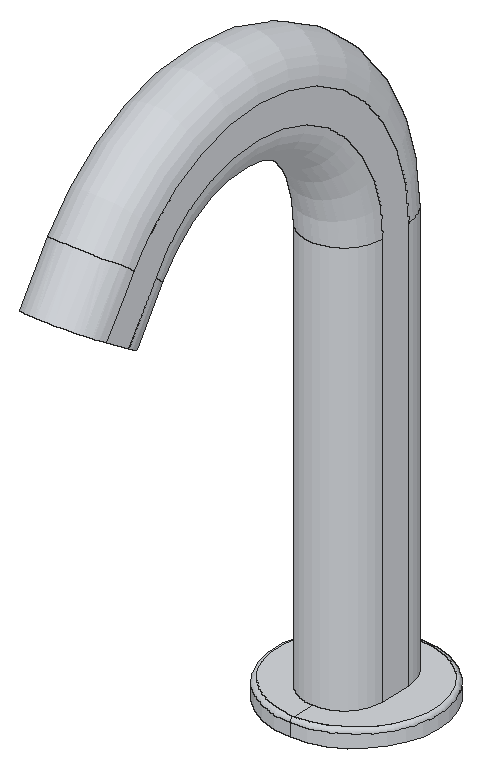
Revit family "Faucet_Touchless-Lavatory-KOHLER-Oblo-K-106B77", category Plumbing Fixtures, host Face, Revit 2021
Family settings
  Host = Face
  Round Connector Dimension = Use Diameter
  Part Type = Normal
  OmniClass Number = 23.31.11.00
  OmniClass Title = Faucets
  Cut with Voids When Loaded = No
  Shared = No
  Room Calculation Point = No
Parameters (values of type "CP-Polished Chrome")
  Width = 2 5/16"  # constant formula
  WaterSense Certified = 1 = 0  # no
  Waste Water Outlet = "Waste Water Outlet"  # constant formula
  Waste Connection = 1 = 0  # no
  Voltage = 120 V  # constant formula
  Vent Connection = 1 = 0  # no
  URL = "https://www.us.kohler.com/us/"
  Type = 1
  Spout Reach = 4 7/8"  # constant formula
  Product Page URL = "http://www.us.kohler.com/us/catalog/productDetails.jsp?productId=106B77-SANA"
  Product Name = "Oblo"  # constant formula
  Product Documentation Link = "https://www.us.kohler.com/webassets/kpna/catalog/pdf/en/K-106B77-SANA_spec_US-CA_Kohler_en.pdf"
  Pressure = 60.00 psi  # constant formula
  Model = "K-106B77-SANA-CP"  # constant formula
  Material = "Premium Metal Construction "  # constant formula
  Master Format 2014 Name = "Residential Faucets, Supplies, and Trim"  # constant formula
  Master Format 2014 = "22 41 39"  # constant formula
  Manufacturer Address = "444 Highland Dr, Kohler, WI 53044"  # constant formula
  Manufacturer = "Kohler Co."  # constant formula
  Length = Spout Reach  # 4 7/8"
  Hot Water Inlet = "Hot Water Inlet"  # constant formula
  Height = 9 1/4"  # constant formula
  HW Connection = 1 = 1  # yes
  Flow Rate = 0.5 GPM  # constant formula
  Finish = Kohler-Metal-CP-Polished_Chrome
  Environmental Product Declaration = ""
  Electrical Note = "One Dedicated Circuit Required "  # constant formula
  Electrical Connector = 1 = 1  # yes
  Drain Included = 1 = 1  # yes
  Description = "Touchless faucet w/Kinesis sensor, Hybrid powered"  # constant formula
  Default Elevation = 36"
  Declare Label = ""
  Date Modified = "07/21/2021"  # constant formula
  Date Created = "07/21/2021"  # constant formula
  Copyright = "Copyright Kohler Co."  # constant formula
  Contact Us = "https://www.us.kohler.com/us/static/contact.jsp"
  Cold Water Inlet = "Cold Water Inlet"  # constant formula
  CW Connection = 1 = 1  # yes
  Assembly Code = "D2010"
  Apparent Load = 120 V * 15 A  # 1800 VA
  ADA Compliant = 1 = 1  # yes
Reference planes (in)
  plane 1 "Center (Front/Back)": y = 0
  plane 2: z = 0
  plane 3 "Center (Left/Right)": x = 0
  plane 4: y = 1.15625
  plane 5: y = 0.77357
  plane 6: y = 0.95016
  plane 7: y = -0.77357
  plane 8: y = -1.15625
  plane 9: x = -1.15625
  plane 10: y = -5.52435
  plane 11: y = -4.875
  plane 12: x = -0.55118
  plane 13: x = 0.55118
  plane 14: x = 1.15625
  plane 15: z = 9.25
  plane 16: z = 6.75984
  plane 17: z = 0.23622
Dimensions and locks (in)
  "Width": plane 9 to plane 14
  plane 4 to plane 8 = 2 5/16"
  plane 7 to plane 5 = 1.54715"
  plane 12 to plane 13 = 1.10236"
  "Length": plane 1 "Center (Front/Back)" to plane 11
  "Height": level to plane 15
  plane 16 to level = 6.75984"
  aligned and locked: plane 2 to host face
  aligned and locked: level to host face
Automatic sketch dimensions
  host sketch curve to host sketch curve = 96"  (x2)
Nested families (in)
  nested 1: "K-106B77" at (0, 0, 0), type "K-106B77"
Connectors (in)
  piping at (-0.55118, 0, 0), diameter 0.375, driven by "Flow Rate", driven by "Pressure", driven by "HW Connection", driven by "Hot Water Inlet"
    settings: on nested 1, index 1, connector inside diameter 24", connector length 0", flow factor 0, pipe flow 0.5 GPM, pressure drop 60.00 psi, fitting loss kfactor 0, connector angle 0.00°, fixture units 0, engagement length 0", angle of deflection 0.00°, flow configuration 1, flow direction 1, fitting loss method 4, system type 19, joint type 0, gender type 0, connector reference index -1, connector utility 1, adjustable connector no, is connector primary yes, connector description "Hot Water Inlet"
  electrical at (0, 0.95016, 0), driven by "Voltage", driven by "Apparent Load", driven by "Electrical Connector", driven by "Electrical Note"
    settings: on nested 1, index 2, voltage 120 V, apparent load 1800 VA, apparent load phase1 0 VA, apparent load phase2 0 VA, apparent load phase3 0 VA, power factor 1, load classification "Power", number of poles 1, system type 30, power factor state 1, is connector primary yes, connector utility yes, sub classification motor no, connector description "One Dedicated Circuit Required "
  piping at (0.55118, 0, 0), diameter 0.375, driven by "Flow Rate", driven by "Pressure", driven by "CW Connection", driven by "Cold Water Inlet"
    settings: on nested 1, index 3, connector inside diameter 24", connector length 0", flow factor 0, pipe flow 0.5 GPM, pressure drop 60.00 psi, fitting loss kfactor 0, connector angle 0.00°, fixture units 0, engagement length 0", angle of deflection 0.00°, flow configuration 1, flow direction 1, fitting loss method 4, system type 20, joint type 0, gender type 0, connector reference index -1, connector utility 1, adjustable connector no, is connector primary no, connector description "Cold Water Inlet"
Definition of nested family "K-106B77"
  Parameters (values of type "K-106B77")
    Material = none
    Default Elevation = 0"
  Reference planes (in)
    plane 1 "Center (Front/Back)": y = 0
    plane 2: z = 0
    plane 3 "Center (Left/Right)": x = 0
    plane 4: x = -1.15625
    plane 5: x = 1.15625
    plane 6: y = 1.15625
    plane 7: y = -1.15625
    plane 8: z = 9.25
    plane 9: y = -4.875
    plane 10: z = 6.75984
    plane 11: y = -5.52435
    plane 12: y = 0.77357
    plane 13: y = -0.77357
    plane 14: x = -0.55118
    plane 15: x = 0.55118
    plane 16 "A": through (0, -4.88452, 6.75889) normal (0, -0.5299, -0.848)
    plane 17: z = 0.23622
    plane 18: y = 0.95016
  Forms (in)
    Revolve 1, solid, material <- "Material", detail levels medium+fine
      sketch origin (0, 0, 0) x (0, 1, 0) y (0, 0, 1)
        loop
          line (1.15625, 0) -> (1.15625, 0.17964)
          arc (1.15625, 0.17964) -> (1.13968, 0.21965) -> (1.09967, 0.23622) r 0.05658
          line (1.09967, 0.23622) -> (0, 0.23622) -> (0, 0) -> (1.15625, 0)
        axis (0, 0) -> (0, 0.23622)
      angle from 0 to 360
    Sweep 2, solid, material <- "Material", detail levels medium+fine
      path origin (0, 0, -0.0166) x (0, 1, 0) y (0, 0, 1)
        loop
          line (0, 0.25282) -> (0, 6.07301)
          arc (0, 6.07301) -> (-1.69297, 8.38192) -> (-4.4041, 7.46161) r 2.42096
          line (-4.4041, 7.46161) -> (-4.96864, 6.65536)
      profile origin (0, 0, 3.14631) x (0, -1, 0) y (1, 0, 0)
        loop
          spline (0.22638, -0.55118) -> (0.36802, -0.53239) -> (0.50001, -0.47732) -> (0.61335, -0.3897) -> (0.70031, -0.27552) -> (0.75496, -0.14256) -> (0.77357, 0.00012) -> (0.75489, 0.14279) -> (0.70018, 0.27573) -> (0.61318, 0.38987) -> (0.4998, 0.47744) -> (0.36779, 0.53246) -> (0.22613, 0.55118)
          line (0.22613, 0.55118) -> (-0.22638, 0.55118)
          spline (-0.22638, 0.55118) -> (-0.368, 0.5324) -> (-0.49998, 0.47734) -> (-0.6133, 0.38974) -> (-0.70026, 0.27559) -> (-0.75493, 0.14266) -> (-0.77358, 0) -> (-0.75493, -0.14266) -> (-0.70026, -0.27559) -> (-0.6133, -0.38974) -> (-0.49998, -0.47734) -> (-0.368, -0.5324) -> (-0.22638, -0.55118)
          line (-0.22638, -0.55118) -> (0.22638, -0.55118)
    Extrusion 3, void
      sketch origin (0, -4.96864, 6.63876) x (1, 0, 0) y (0, -0.819152, 0.573576)
        loop
          circle (0.00001, 0.10763) r 0.5
        loop
          circle (0.00001, 0.10763) r 0.48516
        loop
          circle (0.00001, 0.10763) r 0.41777
      from -0.42517 to 0.18137
    Extrusion 4, solid, material <- "Material", detail levels medium+fine
      sketch origin (0, 0, 0) x (1, 0, 0) y (0, 1, 0)
        loop
          circle (-0.55118, 0) r 0.09901
        loop
          circle (0, 0.95016) r 0.06477
        loop
          circle (0.55118, 0) r 0.09901
      from 0 to 0.02263
    Extrusion 5, void
      sketch origin (0, 0, 0) x (0, 1, 0) y (0, 0, 1)
        loop
          line (-3.69418, 6.01508) -> (-5.79817, 7.3298) -> (-5.79817, 6.01508) -> (-3.69418, 6.01508)
      from -0.96375 to 1
    Extrusion 6, solid, detail levels medium+fine
      sketch origin (0, 1.79099, 2.58757) x (0, -0.848048, 0.529919) y (-1, 0, 0)
        loop
          arc (8.16595, 0.05401) -> (8.13158, 0.14872) -> (8.06675, 0.22584) r 0.2885
          line (8.06675, 0.22584) -> (8.04678, 0.19124) -> (7.96096, 0.24079) -> (7.98094, 0.27538)
          arc (7.98094, 0.27538) -> (7.88173, 0.29297) -> (7.78253, 0.27538) r 0.2885
          line (7.78253, 0.27538) -> (7.8025, 0.24079) -> (7.71669, 0.19124) -> (7.69672, 0.22584)
          arc (7.69672, 0.22584) -> (7.63188, 0.14872) -> (7.59751, 0.05401) r 0.2885
          line (7.59751, 0.05401) -> (7.63746, 0.05401) -> (7.63746, -0.04508) -> (7.59751, -0.04508)
          arc (7.59751, -0.04508) -> (7.63188, -0.13979) -> (7.69672, -0.2169) r 0.2885
          line (7.69672, -0.2169) -> (7.71669, -0.18231) -> (7.8025, -0.23186) -> (7.78253, -0.26645)
          arc (7.78253, -0.26645) -> (7.88173, -0.28404) -> (7.98094, -0.26645) r 0.2885
          line (7.98094, -0.26645) -> (7.96096, -0.23186) -> (8.04678, -0.18231) -> (8.06675, -0.2169)
          arc (8.06675, -0.2169) -> (8.13158, -0.13979) -> (8.16595, -0.04508) r 0.2885
          line (8.16595, -0.04508) -> (8.12601, -0.04508) -> (8.12601, 0.05401) -> (8.16595, 0.05401)
        loop
          circle (8.07563, -0.00087) r 0.01575
        loop
          circle (8.06641, 0.06293) r 0.01575
        loop
          circle (8.03876, 0.11962) r 0.01575
        loop
          circle (7.99024, 0.16033) r 0.01575
        loop
          circle (7.93349, 0.18924) r 0.01575
        loop
          circle (7.87095, 0.18924) r 0.01575
        loop
          circle (7.80915, 0.17268) r 0.01575
        loop
          circle (7.75638, 0.13971) r 0.01575
        loop
          circle (7.71765, 0.09355) r 0.01575
        loop
          circle (7.70049, 0.02953) r 0.01575
        loop
          circle (8.02683, 0.02069) r 0.01575
        loop
          circle (8.01127, 0.07158) r 0.01575
        loop
          circle (7.9757, 0.10716) r 0.01575
        loop
          circle (7.93142, 0.13272) r 0.01575
        loop
          circle (7.87488, 0.14269) r 0.01575
        loop
          circle (7.83251, 0.1247) r 0.01575
        loop
          circle (7.78817, 0.09365) r 0.01575
        loop
          circle (7.75232, 0.06939) r 0.01575
        loop
          circle (7.96243, 0.05073) r 0.01575
        loop
          circle (7.91575, 0.07767) r 0.01575
        loop
          circle (7.86574, 0.08649) r 0.01575
        loop
          circle (7.81996, 0.06006) r 0.01575
        loop
          circle (7.91681, 0.02439) r 0.01575
        loop
          circle (7.87116, 0.03244) r 0.01575
        loop
          circle (8.06641, -0.06466) r 0.01575
        loop
          circle (8.03876, -0.12135) r 0.01575
        loop
          circle (7.99024, -0.16206) r 0.01575
        loop
          circle (7.93349, -0.19098) r 0.01575
        loop
          circle (7.87095, -0.19098) r 0.01575
        loop
          circle (7.80915, -0.17442) r 0.01575
        loop
          circle (7.75638, -0.14145) r 0.01575
        loop
          circle (7.71765, -0.09528) r 0.01575
        loop
          circle (7.70049, -0.03127) r 0.01575
        loop
          circle (8.02683, -0.02243) r 0.01575
        loop
          circle (8.01127, -0.07332) r 0.01575
        loop
          circle (7.9757, -0.10889) r 0.01575
        loop
          circle (7.93142, -0.13446) r 0.01575
        loop
          circle (7.87488, -0.14443) r 0.01575
        loop
          circle (7.83251, -0.12644) r 0.01575
        loop
          circle (7.78817, -0.09539) r 0.01575
        loop
          circle (7.75971, -0.06148) r 0.01575
        loop
          circle (7.74548, -0.00835) r 0.01575
        loop
          circle (7.96243, -0.05246) r 0.01575
        loop
          circle (7.91575, -0.07941) r 0.01575
        loop
          circle (7.86574, -0.08823) r 0.01575
        loop
          circle (7.81996, -0.0618) r 0.01575
        loop
          circle (7.91681, -0.02612) r 0.01575
        loop
          circle (7.87116, -0.03417) r 0.01575
      from -0.05526 to -0.1985
    Blend 7, solid, detail levels medium+fine
      base sketch origin (0, 1.66578, 2.66581) x (0, -0.848048, 0.529919) y (-1, 0, 0)
        loop
          arc (7.7811, 0.3145) -> (7.43833, 0.01069) -> (7.76131, -0.31408) r 0.31496
          arc (7.76131, -0.31408) -> (8.06794, -0.00913) -> (7.7811, 0.3145) r 0.31496
      top sketch origin (0, 1.66578, 2.66581) x (0, -0.848048, 0.529919) y (-1, 0, 0)
        loop
          arc (7.90832, 0.46628) -> (7.36059, 0.02555) -> (7.85751, -0.47178) r 0.47244
          arc (7.85751, -0.47178) -> (8.30409, -0.02556) -> (7.90832, 0.46628) r 0.47244
      from -0.13424 to -0.28856
    Revolve 8, solid, material <- "Material", detail levels coarse
      sketch origin (0, 0, 0) x (0, 1, 0) y (0, 0, 1)
        loop
          line (0, 0.23622) -> (0, 0) -> (1.15625, 0) -> (1.15625, 0.23622) -> (0, 0.23622)
        axis (0, 0.23622) -> (0, 0)
      angle from 0 to 360
    Sweep 9, solid, material <- "Material", detail levels coarse
      path origin (0, 0, 0) x (0, 1, 0) y (0, 0, 1)
        loop
          line (-5.52435, 7.19382) -> (-5.03871, 7.88738)
          arc (-5.03871, 7.88738) -> (-1.46071, 9.10195) -> (0.77357, 6.05478) r 3.19505
          line (0.77357, 6.05478) -> (0.77357, 0.23622)
      profile origin (0, 0.77357, 3.1455) x (1, 0, 0) y (0, 1, 0)
        loop
          line (-0.55118, -0.54455) -> (-0.55118, -0.99498)
          arc (-0.55118, -0.99498) -> (0, -1.54616) -> (0.55118, -0.99498) r 0.55118
          line (0.55118, -0.99498) -> (0.55118, -0.54455)
          arc (0.55118, -0.54455) -> (0, 0.00663) -> (-0.55118, -0.54455) r 0.55118
    Revolve 10, void
      sketch origin (0, 0, 0) x (0, 1, 0) y (0, 0, 1)
        loop
          line (-3.66008, 6.92088) -> (-3.60798, 7.00425) -> (-3.77465, 7.1084) -> (-3.82675, 7.02502) -> (-3.66008, 6.92088)
        axis (-3.66008, 6.92088) -> (-3.82675, 7.02502)
      angle from 0 to 360
  Cuts and joins
    Extrusion 3, Extrusion 5, Revolve 10 cuts Sweep 2
    joined: Revolve 1, Sweep 2
  Lines and regions (in)
    Masking region 1
      outline origin (0, 0, 0) x (1, 0, 0) y (0, 1, 0)
        loop
          arc (0.55118, -1.01642) -> (1.12075, 0.28432) -> (0, 1.15625) r 1.15625
          arc (0, 1.15625) -> (-1.12075, 0.28432) -> (-0.55118, -1.01642) r 1.15625
          line (-0.55118, -1.01642) -> (-0.55118, -5.07611)
          spline (-0.55118, -5.07611) -> (-0.53241, -5.19209) -> (-0.47738, -5.30017) -> (-0.38983, -5.39299) -> (-0.27574, -5.46422) -> (-0.14286, -5.50903) -> (-0.00026, -5.52435) -> (0.14237, -5.50914) -> (0.27529, -5.46443) -> (0.38947, -5.39328) -> (0.47712, -5.30053) -> (0.53228, -5.19249) -> (0.55118, -5.07653)
          line (0.55118, -5.07653) -> (0.55118, -1.01642)
    Masking region 2
      outline origin (0, 0, 0) x (1, 0, 0) y (0, 0, 1)
        loop
          line (1.15625, 0) -> (1.15625, 0.18027)
          arc (1.15625, 0.18027) -> (1.13986, 0.21983) -> (1.1003, 0.23622) r 0.05595
          line (1.1003, 0.23622) -> (0.55118, 0.23622) -> (0.55118, 8.69977)
          arc (0.55118, 8.69977) -> (0, 9.25096) -> (-0.55118, 8.69977) r 0.55118
          line (-0.55118, 8.69977) -> (-0.55118, 0.23622) -> (-1.1003, 0.23622)
          arc (-1.1003, 0.23622) -> (-1.13986, 0.21983) -> (-1.15625, 0.18027) r 0.05595
          line (-1.15625, 0.18027) -> (-1.15625, 0) -> (1.15625, 0)
    Masking region 3
      outline origin (0, 0, 0) x (0, 1, 0) y (0, 0, 1)
        loop
          line (1.15625, 0) -> (1.15625, 0.18047)
          arc (1.15625, 0.18047) -> (1.13992, 0.21989) -> (1.1005, 0.23622) r 0.05575
          line (1.1005, 0.23622) -> (0.77357, 0.23622) -> (0.77357, 6.05478)
          arc (0.77357, 6.05478) -> (-1.46071, 9.10195) -> (-5.03871, 7.88738) r 3.19505
          line (-5.03871, 7.88738) -> (-5.52435, 7.19382) -> (-4.257, 6.30641) -> (-3.77602, 6.99332)
          arc (-3.77602, 6.99332) -> (-1.92773, 7.62073) -> (-0.77357, 6.04666) r 1.65046
          line (-0.77357, 6.04666) -> (-0.77357, 0.23622) -> (-1.1005, 0.23622)
          arc (-1.1005, 0.23622) -> (-1.13992, 0.21989) -> (-1.15625, 0.18047) r 0.05575
          line (-1.15625, 0.18047) -> (-1.15625, 0) -> (1.15625, 0)
    symbolic lines, detail levels medium+fine
      curve 1: spline (-0.55118, 0.22638, 0) -> (-0.5324, 0.368, 0) -> (-0.47734, 0.49998, 0) -> (-0.38974, 0.6133, 0) -> (-0.27559, 0.70026, 0) -> (-0.14266, 0.75493, 0) -> (0, 0.77357, 0) -> (0.14266, 0.75493, 0) -> (0.27559, 0.70026, 0) -> (0.38974, 0.6133, 0) -> (0.47734, 0.49998, 0) -> (0.5324, 0.368, 0) -> (0.55118, 0.22638, 0)
      curve 2: line (-0.55118, 0.22638, 0) -> (-0.55118, -1.01642, 0)
      curve 3: line (0.55118, 0.22638, 0) -> (0.55118, -1.01642, 0)
      curve 4: line (-0.55118, 0, 0.23622) -> (0.55118, 0, 0.23622)
      curve 5: line (0, 0.77357, 0.23622) -> (0, -0.77357, 0.23622)
      curve 6: line (0, 0.30078, 0.23622) -> (0, 0.30078, 6.20994)
      curve 7: arc (0, 0.30078, 6.20994) -> (0, -1.56867, 8.75954) -> (0, -4.56242, 7.7433) r 2.67334
      curve 8: line (0, -5.13706, 6.92264) -> (0, -4.56242, 7.7433)
      curve 9: line (0, -4.64429, 6.5776) -> (0, -4.06965, 7.39826)
      curve 10: arc (0, -0.30078, 6.20994) -> (0, -1.74956, 8.18582) -> (0, -4.06965, 7.39826) r 2.07177
      curve 11: line (0, -0.30078, 0.23622) -> (0, -0.30078, 6.20994)
      curve 12: spline (-0.46825, 0, 6.72287) -> (-0.54031, 0, 6.81863) -> (-0.54515, 0, 6.92169) -> (-0.48217, 0, 7.01923) -> (-0.3592, 0, 7.09912) -> (-0.19154, 0, 7.15141) -> (-0.00004, 0, 7.1696) -> (0.19145, 0, 7.15142) -> (0.35913, 0, 7.09915) -> (0.48213, 0, 7.01928) -> (0.54514, 0, 6.92174) -> (0.54033, 0, 6.81868) -> (0.4683, 0, 6.72292)
      curve 13: spline (0.55154, 0, 6.63889) -> (0.53248, 0, 6.56428) -> (0.47809, 0, 6.49473) -> (0.39197, 0, 6.43484) -> (0.27984, 0, 6.3886) -> (0.14913, 0, 6.35908) -> (0.00854, 0, 6.34823) -> (-0.13263, 0, 6.35677) -> (-0.26499, 0, 6.38413) -> (-0.37977, 0, 6.42851) -> (-0.46935, 0, 6.48696) -> (-0.52778, 0, 6.55559) -> (-0.55118, 0, 6.62985)
      curve 14: spline (0.49277, 0, 6.77175) -> (0.49628, 0, 6.84828) -> (0.45833, 0, 6.92215) -> (0.38212, 0, 6.98719) -> (0.27399, 0, 7.03796) -> (0.14298, 0, 7.07022) -> (0.00002, 0, 7.08129) -> (-0.14293, 0, 7.07023) -> (-0.27394, 0, 7.03797) -> (-0.38208, 0, 6.9872) -> (-0.4583, 0, 6.92217) -> (-0.49625, 0, 6.8483) -> (-0.49276, 0, 6.77177)
      curve 15: spline (-0.46825, 0, 6.72287) -> (-0.42356, 0, 6.67493) -> (-0.36161, 0, 6.63273) -> (-0.28493, 0, 6.59797) -> (-0.19664, 0, 6.57208) -> (-0.10034, 0, 6.55612) -> (0.00005, 0, 6.55072) -> (0.10044, 0, 6.55612) -> (0.19674, 0, 6.5721) -> (0.28502, 0, 6.59799) -> (0.36169, 0, 6.63276) -> (0.42362, 0, 6.67497) -> (0.4683, 0, 6.72292)
      curve 16: spline (-0.48506, 0, 6.81601) -> (-0.46867, 0, 6.8826) -> (-0.4203, 0, 6.94468) -> (-0.34322, 0, 6.998) -> (-0.24272, 0, 7.03891) -> (-0.12564, 0, 7.06464) -> (0.00001, 0, 7.07341) -> (0.12566, 0, 7.06464) -> (0.24274, 0, 7.03891) -> (0.34324, 0, 6.998) -> (0.42032, 0, 6.94468) -> (0.46869, 0, 6.8826) -> (0.48507, 0, 6.81601)
      curve 17: spline (0.48507, 0, 6.81601) -> (0.46869, 0, 6.74941) -> (0.42032, 0, 6.68733) -> (0.34324, 0, 6.63401) -> (0.24274, 0, 6.5931) -> (0.12566, 0, 6.56737) -> (0.00001, 0, 6.5586) -> (-0.12564, 0, 6.56737) -> (-0.24272, 0, 6.5931) -> (-0.34322, 0, 6.63401) -> (-0.4203, 0, 6.68733) -> (-0.46867, 0, 6.74941) -> (-0.48506, 0, 6.81601)
      curve 18: spline (0.4177, 0, 6.81601) -> (0.4036, 0, 6.87335) -> (0.36194, 0, 6.92681) -> (0.29557, 0, 6.97272) -> (0.20902, 0, 7.00795) -> (0.10821, 0, 7.0301) -> (0.00001, 0, 7.03766) -> (-0.10819, 0, 7.0301) -> (-0.20901, 0, 7.00795) -> (-0.29555, 0, 6.97272) -> (-0.36192, 0, 6.92681) -> (-0.40358, 0, 6.87335) -> (-0.41768, 0, 6.81601)
      curve 19: spline (-0.41768, 0, 6.81601) -> (-0.40358, 0, 6.75866) -> (-0.36192, 0, 6.7052) -> (-0.29555, 0, 6.65929) -> (-0.20901, 0, 6.62406) -> (-0.10819, 0, 6.60191) -> (0.00001, 0, 6.59435) -> (0.10821, 0, 6.60191) -> (0.20902, 0, 6.62406) -> (0.29557, 0, 6.65929) -> (0.36194, 0, 6.7052) -> (0.4036, 0, 6.75866) -> (0.4177, 0, 6.81601)
      curve 20: spline (-0.05401, 0, 6.96173) -> (-0.07054, 0, 6.95994) -> (-0.08685, 0, 6.95764) -> (-0.10288, 0, 6.95483) -> (-0.11857, 0, 6.95154) -> (-0.13386, 0, 6.94776) -> (-0.14872, 0, 6.94352) -> (-0.16308, 0, 6.93882) -> (-0.1769, 0, 6.93369) -> (-0.19013, 0, 6.92814) -> (-0.20272, 0, 6.92219) -> (-0.21464, 0, 6.91585) -> (-0.22584, 0, 6.90916)
      curve 21: line (-0.19124, 0, 6.89858) -> (-0.24079, 0, 6.85311)
      curve 22: line (-0.24079, 0, 6.85311) -> (-0.27538, 0, 6.86369)
      curve 23: line (-0.22584, 0, 6.90916) -> (-0.19124, 0, 6.89858)
      curve 24: line (-0.27538, 0, 6.93245) -> (-0.27538, 0, 6.86369)
      curve 25: line (-0.24079, 0, 6.91986) -> (-0.24079, 0, 6.85311)
      curve 26: spline (-0.27538, 0, 6.86369) -> (-0.28072, 0, 6.8552) -> (-0.28511, 0, 6.84657) -> (-0.28854, 0, 6.83781) -> (-0.291, 0, 6.82897) -> (-0.29248, 0, 6.82006) -> (-0.29297, 0, 6.81112) -> (-0.29248, 0, 6.80218) -> (-0.291, 0, 6.79327) -> (-0.28854, 0, 6.78442) -> (-0.28511, 0, 6.77567) -> (-0.28072, 0, 6.76703) -> (-0.27538, 0, 6.75855)
      curve 27: spline (-0.23703, 0, 6.99857) -> (-0.24769, 0, 6.9918) -> (-0.25767, 0, 6.98475) -> (-0.26693, 0, 6.97743) -> (-0.27545, 0, 6.96986) -> (-0.2832, 0, 6.96207) -> (-0.29017, 0, 6.95406) -> (-0.29632, 0, 6.94588) -> (-0.30166, 0, 6.93753) -> (-0.30616, 0, 6.92904) -> (-0.3098, 0, 6.92045) -> (-0.31258, 0, 6.91176) -> (-0.3145, 0, 6.903)
      curve 28: spline (-0.3145, 0, 6.903) -> (-0.31536, 0, 6.89633) -> (-0.31573, 0, 6.88965) -> (-0.31558, 0, 6.88297) -> (-0.31494, 0, 6.87629) -> (-0.31379, 0, 6.86963) -> (-0.31213, 0, 6.863) -> (-0.30998, 0, 6.85642) -> (-0.30733, 0, 6.84988) -> (-0.30419, 0, 6.8434) -> (-0.30056, 0, 6.837) -> (-0.29646, 0, 6.83068) -> (-0.29187, 0, 6.82445)
      curve 29: line (0.05401, 0, 6.94057) -> (-0.05401, 0, 6.94057)
      curve 30: line (-0.05401, 0, 6.94057) -> (-0.05401, 0, 7.03361)
      curve 31: spline (-0.22584, 0, 6.71307) -> (-0.21464, 0, 6.70638) -> (-0.20272, 0, 6.70005) -> (-0.19013, 0, 6.6941) -> (-0.1769, 0, 6.68855) -> (-0.16308, 0, 6.68341) -> (-0.14872, 0, 6.67872) -> (-0.13386, 0, 6.67447) -> (-0.11857, 0, 6.6707) -> (-0.10288, 0, 6.6674) -> (-0.08685, 0, 6.6646) -> (-0.07054, 0, 6.6623) -> (-0.05401, 0, 6.6605)
      curve 32: line (-0.05401, 0, 6.68167) -> (0.04508, 0, 6.68167)
      curve 33: line (-0.19124, 0, 6.72366) -> (-0.22584, 0, 6.71307)
      curve 34: line (-0.24079, 0, 6.76913) -> (-0.19124, 0, 6.72366)
      curve 35: line (-0.27538, 0, 6.75855) -> (-0.24079, 0, 6.76913)
      curve 36: line (-0.05401, 0, 6.6605) -> (-0.05401, 0, 6.69631)
      curve 37: line (-0.24079, 0, 6.91986) -> (-0.22584, 0, 6.95193)
      curve 38: line (-0.24079, 0, 6.91986) -> (-0.27538, 0, 6.93245)
      curve 39: line (-0.2931, 0, 6.88607) -> (-0.29187, 0, 6.82445)
      curve 40: arc (-0.27538, 0, 6.93245) -> (-0.28876, 0, 6.91099) -> (-0.2931, 0, 6.88607) r 0.06613
      curve 41: line (-0.22584, 0, 6.90916) -> (-0.22584, 0, 6.98246)
      curve 42: arc (-0.22584, 0, 6.98246) -> (-0.14233, 0, 7.01612) -> (-0.05401, 0, 7.03361) r 0.48059
      curve 43: spline (0, 0, 6.90554) -> (-0.0039, 0, 6.90592) -> (-0.0075, 0, 6.9068) -> (-0.01057, 0, 6.90813) -> (-0.01291, 0, 6.90983) -> (-0.01438, 0, 6.91178) -> (-0.01488, 0, 6.91387) -> (-0.01438, 0, 6.91596) -> (-0.01291, 0, 6.91791) -> (-0.01057, 0, 6.91961) -> (-0.0075, 0, 6.92094) -> (-0.0039, 0, 6.92182) -> (0, 0, 6.9222)
      curve 44: spline (-0.02069, 0, 6.87966) -> (-0.02477, 0, 6.87995) -> (-0.02857, 0, 6.88078) -> (-0.03183, 0, 6.88211) -> (-0.03433, 0, 6.88384) -> (-0.0359, 0, 6.88585) -> (-0.03644, 0, 6.88801) -> (-0.0359, 0, 6.89017) -> (-0.03433, 0, 6.89218) -> (-0.03183, 0, 6.89391) -> (-0.02857, 0, 6.89524) -> (-0.02477, 0, 6.89607) -> (-0.02069, 0, 6.89636)
      curve 45: spline (-0.02069, 0, 6.89636) -> (-0.01662, 0, 6.89607) -> (-0.01282, 0, 6.89524) -> (-0.00956, 0, 6.89391) -> (-0.00706, 0, 6.89218) -> (-0.00548, 0, 6.89017) -> (-0.00495, 0, 6.88801) -> (-0.00548, 0, 6.88585) -> (-0.00706, 0, 6.88384) -> (-0.00956, 0, 6.88211) -> (-0.01282, 0, 6.88078) -> (-0.01662, 0, 6.87995) -> (-0.02069, 0, 6.87966)
      curve 46: spline (-0.06293, 0, 6.90064) -> (-0.067, 0, 6.90092) -> (-0.0708, 0, 6.90175) -> (-0.07406, 0, 6.90308) -> (-0.07656, 0, 6.90481) -> (-0.07814, 0, 6.90682) -> (-0.07867, 0, 6.90898) -> (-0.07814, 0, 6.91114) -> (-0.07656, 0, 6.91315) -> (-0.07406, 0, 6.91488) -> (-0.0708, 0, 6.91621) -> (-0.067, 0, 6.91704) -> (-0.06293, 0, 6.91733)
      curve 47: spline (-0.07158, 0, 6.87142) -> (-0.07566, 0, 6.8717) -> (-0.07946, 0, 6.87254) -> (-0.08272, 0, 6.87386) -> (-0.08522, 0, 6.87559) -> (-0.08679, 0, 6.87761) -> (-0.08733, 0, 6.87977) -> (-0.08679, 0, 6.88193) -> (-0.08522, 0, 6.88394) -> (-0.08272, 0, 6.88567) -> (-0.07946, 0, 6.88699) -> (-0.07566, 0, 6.88783) -> (-0.07158, 0, 6.88811)
      curve 48: spline (-0.06293, 0, 6.91733) -> (-0.05885, 0, 6.91704) -> (-0.05505, 0, 6.91621) -> (-0.05179, 0, 6.91488) -> (-0.04929, 0, 6.91315) -> (-0.04771, 0, 6.91114) -> (-0.04718, 0, 6.90898) -> (-0.04771, 0, 6.90682) -> (-0.04929, 0, 6.90481) -> (-0.05179, 0, 6.90308) -> (-0.05505, 0, 6.90175) -> (-0.05885, 0, 6.90092) -> (-0.06293, 0, 6.90064)
      curve 49: spline (-0.07158, 0, 6.88811) -> (-0.06751, 0, 6.88783) -> (-0.06371, 0, 6.88699) -> (-0.06045, 0, 6.88567) -> (-0.05794, 0, 6.88394) -> (-0.05637, 0, 6.88193) -> (-0.05583, 0, 6.87977) -> (-0.05637, 0, 6.87761) -> (-0.05794, 0, 6.87559) -> (-0.06045, 0, 6.87386) -> (-0.06371, 0, 6.87254) -> (-0.06751, 0, 6.8717) -> (-0.07158, 0, 6.87142)
      curve 50: spline (-0.05073, 0, 6.84554) -> (-0.0548, 0, 6.84582) -> (-0.0586, 0, 6.84665) -> (-0.06186, 0, 6.84798) -> (-0.06436, 0, 6.84971) -> (-0.06594, 0, 6.85172) -> (-0.06647, 0, 6.85388) -> (-0.06594, 0, 6.85604) -> (-0.06436, 0, 6.85805) -> (-0.06186, 0, 6.85978) -> (-0.0586, 0, 6.86111) -> (-0.0548, 0, 6.86194) -> (-0.05073, 0, 6.86223)
      curve 51: spline (-0.05073, 0, 6.86223) -> (-0.04665, 0, 6.86194) -> (-0.04285, 0, 6.86111) -> (-0.03959, 0, 6.85978) -> (-0.03709, 0, 6.85805) -> (-0.03551, 0, 6.85604) -> (-0.03498, 0, 6.85388) -> (-0.03551, 0, 6.85172) -> (-0.03709, 0, 6.84971) -> (-0.03959, 0, 6.84798) -> (-0.04285, 0, 6.84665) -> (-0.04665, 0, 6.84582) -> (-0.05073, 0, 6.84554)
      curve 52: spline (-0.02439, 0, 6.82136) -> (-0.02846, 0, 6.82165) -> (-0.03226, 0, 6.82248) -> (-0.03552, 0, 6.82381) -> (-0.03802, 0, 6.82553) -> (-0.0396, 0, 6.82755) -> (-0.04013, 0, 6.82971) -> (-0.0396, 0, 6.83187) -> (-0.03802, 0, 6.83388) -> (-0.03552, 0, 6.83561) -> (-0.03226, 0, 6.83693) -> (-0.02846, 0, 6.83777) -> (-0.02439, 0, 6.83805)
      curve 53: spline (-0.07767, 0, 6.8208) -> (-0.08175, 0, 6.82109) -> (-0.08555, 0, 6.82192) -> (-0.08881, 0, 6.82325) -> (-0.09131, 0, 6.82497) -> (-0.09288, 0, 6.82699) -> (-0.09342, 0, 6.82915) -> (-0.09288, 0, 6.83131) -> (-0.09131, 0, 6.83332) -> (-0.08881, 0, 6.83505) -> (-0.08555, 0, 6.83637) -> (-0.08175, 0, 6.83721) -> (-0.07767, 0, 6.83749)
      curve 54: spline (-0.02439, 0, 6.83805) -> (-0.02031, 0, 6.83777) -> (-0.01651, 0, 6.83693) -> (-0.01325, 0, 6.83561) -> (-0.01075, 0, 6.83388) -> (-0.00918, 0, 6.83187) -> (-0.00864, 0, 6.82971) -> (-0.00918, 0, 6.82755) -> (-0.01075, 0, 6.82553) -> (-0.01325, 0, 6.82381) -> (-0.01651, 0, 6.82248) -> (-0.02031, 0, 6.82165) -> (-0.02439, 0, 6.82136)
      curve 55: spline (-0.07767, 0, 6.83749) -> (-0.0736, 0, 6.83721) -> (-0.0698, 0, 6.83637) -> (-0.06654, 0, 6.83505) -> (-0.06403, 0, 6.83332) -> (-0.06246, 0, 6.83131) -> (-0.06192, 0, 6.82915) -> (-0.06246, 0, 6.82699) -> (-0.06403, 0, 6.82497) -> (-0.06654, 0, 6.82325) -> (-0.0698, 0, 6.82192) -> (-0.0736, 0, 6.82109) -> (-0.07767, 0, 6.8208)
      curve 56: spline (-0.03244, 0, 6.79717) -> (-0.03651, 0, 6.79746) -> (-0.04031, 0, 6.79829) -> (-0.04357, 0, 6.79962) -> (-0.04607, 0, 6.80134) -> (-0.04765, 0, 6.80336) -> (-0.04818, 0, 6.80552) -> (-0.04765, 0, 6.80768) -> (-0.04607, 0, 6.80969) -> (-0.04357, 0, 6.81142) -> (-0.04031, 0, 6.81274) -> (-0.03651, 0, 6.81358) -> (-0.03244, 0, 6.81386)
      curve 57: spline (-0.08649, 0, 6.7943) -> (-0.09057, 0, 6.79458) -> (-0.09437, 0, 6.79542) -> (-0.09763, 0, 6.79674) -> (-0.10013, 0, 6.79847) -> (-0.1017, 0, 6.80049) -> (-0.10224, 0, 6.80265) -> (-0.1017, 0, 6.80481) -> (-0.10013, 0, 6.80682) -> (-0.09763, 0, 6.80855) -> (-0.09437, 0, 6.80987) -> (-0.09057, 0, 6.81071) -> (-0.08649, 0, 6.81099)
      curve 58: spline (-0.03244, 0, 6.81386) -> (-0.02836, 0, 6.81358) -> (-0.02456, 0, 6.81274) -> (-0.0213, 0, 6.81142) -> (-0.0188, 0, 6.80969) -> (-0.01722, 0, 6.80768) -> (-0.01669, 0, 6.80552) -> (-0.01722, 0, 6.80336) -> (-0.0188, 0, 6.80134) -> (-0.0213, 0, 6.79962) -> (-0.02456, 0, 6.79829) -> (-0.02836, 0, 6.79746) -> (-0.03244, 0, 6.79717)
      curve 59: spline (-0.08649, 0, 6.81099) -> (-0.08242, 0, 6.81071) -> (-0.07862, 0, 6.80987) -> (-0.07536, 0, 6.80855) -> (-0.07285, 0, 6.80682) -> (-0.07128, 0, 6.80481) -> (-0.07074, 0, 6.80265) -> (-0.07128, 0, 6.80049) -> (-0.07285, 0, 6.79847) -> (-0.07536, 0, 6.79674) -> (-0.07862, 0, 6.79542) -> (-0.08242, 0, 6.79458) -> (-0.08649, 0, 6.7943)
      curve 60: spline (-0.06006, 0, 6.77004) -> (-0.06414, 0, 6.77033) -> (-0.06793, 0, 6.77116) -> (-0.0712, 0, 6.77249) -> (-0.0737, 0, 6.77421) -> (-0.07527, 0, 6.77623) -> (-0.07581, 0, 6.77839) -> (-0.07527, 0, 6.78055) -> (-0.0737, 0, 6.78256) -> (-0.0712, 0, 6.78429) -> (-0.06793, 0, 6.78561) -> (-0.06414, 0, 6.78645) -> (-0.06006, 0, 6.78673)
      curve 61: spline (-0.13272, 0, 6.8458) -> (-0.12864, 0, 6.84551) -> (-0.12485, 0, 6.84468) -> (-0.12159, 0, 6.84335) -> (-0.11908, 0, 6.84162) -> (-0.11751, 0, 6.83961) -> (-0.11697, 0, 6.83745) -> (-0.11751, 0, 6.83529) -> (-0.11908, 0, 6.83328) -> (-0.12159, 0, 6.83155) -> (-0.12485, 0, 6.83022) -> (-0.12864, 0, 6.82939) -> (-0.13272, 0, 6.82911)
      curve 62: spline (-0.06006, 0, 6.78673) -> (-0.05598, 0, 6.78645) -> (-0.05219, 0, 6.78561) -> (-0.04892, 0, 6.78429) -> (-0.04642, 0, 6.78256) -> (-0.04485, 0, 6.78055) -> (-0.04431, 0, 6.77839) -> (-0.04485, 0, 6.77623) -> (-0.04642, 0, 6.77421) -> (-0.04892, 0, 6.77249) -> (-0.05219, 0, 6.77116) -> (-0.05598, 0, 6.77033) -> (-0.06006, 0, 6.77004)
      curve 63: spline (-0.10716, 0, 6.85257) -> (-0.11123, 0, 6.85285) -> (-0.11503, 0, 6.85369) -> (-0.11829, 0, 6.85501) -> (-0.1208, 0, 6.85674) -> (-0.12237, 0, 6.85875) -> (-0.12291, 0, 6.86091) -> (-0.12237, 0, 6.86307) -> (-0.1208, 0, 6.86509) -> (-0.11829, 0, 6.86681) -> (-0.11503, 0, 6.86814) -> (-0.11123, 0, 6.86897) -> (-0.10716, 0, 6.86926)
      curve 64: spline (-0.13272, 0, 6.82911) -> (-0.1368, 0, 6.82939) -> (-0.14059, 0, 6.83022) -> (-0.14386, 0, 6.83155) -> (-0.14636, 0, 6.83328) -> (-0.14793, 0, 6.83529) -> (-0.14847, 0, 6.83745) -> (-0.14793, 0, 6.83961) -> (-0.14636, 0, 6.84162) -> (-0.14386, 0, 6.84335) -> (-0.14059, 0, 6.84468) -> (-0.1368, 0, 6.84551) -> (-0.13272, 0, 6.8458)
      curve 65: spline (-0.10716, 0, 6.86926) -> (-0.10308, 0, 6.86897) -> (-0.09928, 0, 6.86814) -> (-0.09602, 0, 6.86681) -> (-0.09352, 0, 6.86509) -> (-0.09195, 0, 6.86307) -> (-0.09141, 0, 6.86091) -> (-0.09195, 0, 6.85875) -> (-0.09352, 0, 6.85674) -> (-0.09602, 0, 6.85501) -> (-0.09928, 0, 6.85369) -> (-0.10308, 0, 6.85285) -> (-0.10716, 0, 6.85257)
      curve 66: spline (-0.11962, 0, 6.88598) -> (-0.12369, 0, 6.88627) -> (-0.12749, 0, 6.8871) -> (-0.13075, 0, 6.88843) -> (-0.13326, 0, 6.89016) -> (-0.13483, 0, 6.89217) -> (-0.13537, 0, 6.89433) -> (-0.13483, 0, 6.89649) -> (-0.13326, 0, 6.8985) -> (-0.13075, 0, 6.90023) -> (-0.12749, 0, 6.90156) -> (-0.12369, 0, 6.90239) -> (-0.11962, 0, 6.90267)
      curve 67: spline (-0.16033, 0, 6.86027) -> (-0.1644, 0, 6.86056) -> (-0.1682, 0, 6.86139) -> (-0.17146, 0, 6.86272) -> (-0.17396, 0, 6.86445) -> (-0.17554, 0, 6.86646) -> (-0.17607, 0, 6.86862) -> (-0.17554, 0, 6.87078) -> (-0.17396, 0, 6.87279) -> (-0.17146, 0, 6.87452) -> (-0.1682, 0, 6.87585) -> (-0.1644, 0, 6.87668) -> (-0.16033, 0, 6.87696)
      curve 68: spline (-0.11962, 0, 6.90267) -> (-0.11554, 0, 6.90239) -> (-0.11174, 0, 6.90156) -> (-0.10848, 0, 6.90023) -> (-0.10598, 0, 6.8985) -> (-0.10441, 0, 6.89649) -> (-0.10387, 0, 6.89433) -> (-0.10441, 0, 6.89217) -> (-0.10598, 0, 6.89016) -> (-0.10848, 0, 6.88843) -> (-0.11174, 0, 6.8871) -> (-0.11554, 0, 6.88627) -> (-0.11962, 0, 6.88598)
      curve 69: spline (-0.16033, 0, 6.87696) -> (-0.15625, 0, 6.87668) -> (-0.15245, 0, 6.87585) -> (-0.14919, 0, 6.87452) -> (-0.14669, 0, 6.87279) -> (-0.14511, 0, 6.87078) -> (-0.14458, 0, 6.86862) -> (-0.14511, 0, 6.86646) -> (-0.14669, 0, 6.86445) -> (-0.14919, 0, 6.86272) -> (-0.15245, 0, 6.86139) -> (-0.15625, 0, 6.86056) -> (-0.16033, 0, 6.86027)
      curve 70: spline (-0.18924, 0, 6.8302) -> (-0.19332, 0, 6.83048) -> (-0.19712, 0, 6.83132) -> (-0.20038, 0, 6.83264) -> (-0.20288, 0, 6.83437) -> (-0.20445, 0, 6.83639) -> (-0.20499, 0, 6.83855) -> (-0.20445, 0, 6.84071) -> (-0.20288, 0, 6.84272) -> (-0.20038, 0, 6.84445) -> (-0.19712, 0, 6.84577) -> (-0.19332, 0, 6.84661) -> (-0.18924, 0, 6.84689)
      curve 71: spline (-0.18924, 0, 6.79706) -> (-0.19332, 0, 6.79734) -> (-0.19712, 0, 6.79818) -> (-0.20038, 0, 6.7995) -> (-0.20288, 0, 6.80123) -> (-0.20445, 0, 6.80324) -> (-0.20499, 0, 6.8054) -> (-0.20445, 0, 6.80756) -> (-0.20288, 0, 6.80958) -> (-0.20038, 0, 6.8113) -> (-0.19712, 0, 6.81263) -> (-0.19332, 0, 6.81346) -> (-0.18924, 0, 6.81375)
      curve 72: spline (-0.18924, 0, 6.84689) -> (-0.18517, 0, 6.84661) -> (-0.18137, 0, 6.84577) -> (-0.17811, 0, 6.84445) -> (-0.1756, 0, 6.84272) -> (-0.17403, 0, 6.84071) -> (-0.17349, 0, 6.83855) -> (-0.17403, 0, 6.83639) -> (-0.1756, 0, 6.83437) -> (-0.17811, 0, 6.83264) -> (-0.18137, 0, 6.83132) -> (-0.18517, 0, 6.83048) -> (-0.18924, 0, 6.8302)
      curve 73: spline (-0.18924, 0, 6.81375) -> (-0.18517, 0, 6.81346) -> (-0.18137, 0, 6.81263) -> (-0.17811, 0, 6.8113) -> (-0.1756, 0, 6.80958) -> (-0.17403, 0, 6.80756) -> (-0.17349, 0, 6.8054) -> (-0.17403, 0, 6.80324) -> (-0.1756, 0, 6.80123) -> (-0.17811, 0, 6.7995) -> (-0.18137, 0, 6.79818) -> (-0.18517, 0, 6.79734) -> (-0.18924, 0, 6.79706)
      curve 74: spline (-0.17268, 0, 6.76431) -> (-0.17676, 0, 6.76459) -> (-0.18056, 0, 6.76543) -> (-0.18382, 0, 6.76675) -> (-0.18632, 0, 6.76848) -> (-0.18789, 0, 6.77049) -> (-0.18843, 0, 6.77265) -> (-0.18789, 0, 6.77481) -> (-0.18632, 0, 6.77683) -> (-0.18382, 0, 6.77856) -> (-0.18056, 0, 6.77988) -> (-0.17676, 0, 6.78072) -> (-0.17268, 0, 6.781)
      curve 75: spline (-0.14269, 0, 6.79914) -> (-0.14677, 0, 6.79943) -> (-0.15056, 0, 6.80026) -> (-0.15383, 0, 6.80159) -> (-0.15633, 0, 6.80332) -> (-0.1579, 0, 6.80533) -> (-0.15844, 0, 6.80749) -> (-0.1579, 0, 6.80965) -> (-0.15633, 0, 6.81166) -> (-0.15383, 0, 6.81339) -> (-0.15056, 0, 6.81472) -> (-0.14677, 0, 6.81555) -> (-0.14269, 0, 6.81583)
      curve 76: spline (-0.17268, 0, 6.781) -> (-0.16861, 0, 6.78072) -> (-0.16481, 0, 6.77988) -> (-0.16155, 0, 6.77856) -> (-0.15904, 0, 6.77683) -> (-0.15747, 0, 6.77481) -> (-0.15694, 0, 6.77265) -> (-0.15747, 0, 6.77049) -> (-0.15904, 0, 6.76848) -> (-0.16155, 0, 6.76675) -> (-0.16481, 0, 6.76543) -> (-0.16861, 0, 6.76459) -> (-0.17268, 0, 6.76431)
      curve 77: spline (-0.14269, 0, 6.81583) -> (-0.13861, 0, 6.81555) -> (-0.13482, 0, 6.81472) -> (-0.13155, 0, 6.81339) -> (-0.12905, 0, 6.81166) -> (-0.12748, 0, 6.80965) -> (-0.12694, 0, 6.80749) -> (-0.12748, 0, 6.80533) -> (-0.12905, 0, 6.80332) -> (-0.13155, 0, 6.80159) -> (-0.13482, 0, 6.80026) -> (-0.13861, 0, 6.79943) -> (-0.14269, 0, 6.79914)
      curve 78: spline (-0.1247, 0, 6.77669) -> (-0.12878, 0, 6.77697) -> (-0.13258, 0, 6.77781) -> (-0.13584, 0, 6.77913) -> (-0.13834, 0, 6.78086) -> (-0.13991, 0, 6.78287) -> (-0.14045, 0, 6.78503) -> (-0.13991, 0, 6.78719) -> (-0.13834, 0, 6.78921) -> (-0.13584, 0, 6.79093) -> (-0.13258, 0, 6.79226) -> (-0.12878, 0, 6.79309) -> (-0.1247, 0, 6.79338)
      curve 79: spline (-0.13971, 0, 6.73635) -> (-0.14379, 0, 6.73663) -> (-0.14758, 0, 6.73746) -> (-0.15084, 0, 6.73879) -> (-0.15335, 0, 6.74052) -> (-0.15492, 0, 6.74253) -> (-0.15546, 0, 6.74469) -> (-0.15492, 0, 6.74685) -> (-0.15335, 0, 6.74886) -> (-0.15084, 0, 6.75059) -> (-0.14758, 0, 6.75192) -> (-0.14379, 0, 6.75275) -> (-0.13971, 0, 6.75304)
      curve 80: spline (-0.1247, 0, 6.79338) -> (-0.12063, 0, 6.79309) -> (-0.11683, 0, 6.79226) -> (-0.11357, 0, 6.79093) -> (-0.11106, 0, 6.78921) -> (-0.10949, 0, 6.78719) -> (-0.10895, 0, 6.78503) -> (-0.10949, 0, 6.78287) -> (-0.11106, 0, 6.78086) -> (-0.11357, 0, 6.77913) -> (-0.11683, 0, 6.77781) -> (-0.12063, 0, 6.77697) -> (-0.1247, 0, 6.77669)
      curve 81: spline (-0.13971, 0, 6.75304) -> (-0.13563, 0, 6.75275) -> (-0.13184, 0, 6.75192) -> (-0.12857, 0, 6.75059) -> (-0.12607, 0, 6.74886) -> (-0.1245, 0, 6.74685) -> (-0.12396, 0, 6.74469) -> (-0.1245, 0, 6.74253) -> (-0.12607, 0, 6.74052) -> (-0.12857, 0, 6.73879) -> (-0.13184, 0, 6.73746) -> (-0.13563, 0, 6.73663) -> (-0.13971, 0, 6.73635)
      curve 82: spline (-0.09365, 0, 6.75319) -> (-0.09773, 0, 6.75348) -> (-0.10153, 0, 6.75431) -> (-0.10479, 0, 6.75564) -> (-0.10729, 0, 6.75736) -> (-0.10887, 0, 6.75938) -> (-0.1094, 0, 6.76154) -> (-0.10887, 0, 6.7637) -> (-0.10729, 0, 6.76571) -> (-0.10479, 0, 6.76744) -> (-0.10153, 0, 6.76876) -> (-0.09773, 0, 6.7696) -> (-0.09365, 0, 6.76988)
      curve 83: spline (-0.09355, 0, 6.71582) -> (-0.09762, 0, 6.7161) -> (-0.10142, 0, 6.71694) -> (-0.10468, 0, 6.71826) -> (-0.10719, 0, 6.71999) -> (-0.10876, 0, 6.72201) -> (-0.1093, 0, 6.72417) -> (-0.10876, 0, 6.72633) -> (-0.10719, 0, 6.72834) -> (-0.10468, 0, 6.73007) -> (-0.10142, 0, 6.73139) -> (-0.09762, 0, 6.73223) -> (-0.09355, 0, 6.73251)
      curve 84: spline (-0.06939, 0, 6.73419) -> (-0.07347, 0, 6.73448) -> (-0.07727, 0, 6.73531) -> (-0.08053, 0, 6.73664) -> (-0.08303, 0, 6.73837) -> (-0.0846, 0, 6.74038) -> (-0.08514, 0, 6.74254) -> (-0.0846, 0, 6.7447) -> (-0.08303, 0, 6.74671) -> (-0.08053, 0, 6.74844) -> (-0.07727, 0, 6.74977) -> (-0.07347, 0, 6.7506) -> (-0.06939, 0, 6.75088)
      curve 85: spline (-0.09365, 0, 6.76988) -> (-0.08958, 0, 6.7696) -> (-0.08578, 0, 6.76876) -> (-0.08252, 0, 6.76744) -> (-0.08002, 0, 6.76571) -> (-0.07844, 0, 6.7637) -> (-0.07791, 0, 6.76154) -> (-0.07844, 0, 6.75938) -> (-0.08002, 0, 6.75736) -> (-0.08252, 0, 6.75564) -> (-0.08578, 0, 6.75431) -> (-0.08958, 0, 6.75348) -> (-0.09365, 0, 6.75319)
      curve 86: spline (-0.09355, 0, 6.73251) -> (-0.08947, 0, 6.73223) -> (-0.08567, 0, 6.73139) -> (-0.08241, 0, 6.73007) -> (-0.07991, 0, 6.72834) -> (-0.07834, 0, 6.72633) -> (-0.0778, 0, 6.72417) -> (-0.07834, 0, 6.72201) -> (-0.07991, 0, 6.71999) -> (-0.08241, 0, 6.71826) -> (-0.08567, 0, 6.71694) -> (-0.08947, 0, 6.7161) -> (-0.09355, 0, 6.71582)
      curve 87: spline (-0.06939, 0, 6.75088) -> (-0.06532, 0, 6.7506) -> (-0.06152, 0, 6.74977) -> (-0.05826, 0, 6.74844) -> (-0.05575, 0, 6.74671) -> (-0.05418, 0, 6.7447) -> (-0.05364, 0, 6.74254) -> (-0.05418, 0, 6.74038) -> (-0.05575, 0, 6.73837) -> (-0.05826, 0, 6.73664) -> (-0.06152, 0, 6.73531) -> (-0.06532, 0, 6.73448) -> (-0.06939, 0, 6.73419)
      curve 88: spline (-0.02953, 0, 6.70673) -> (-0.03361, 0, 6.70702) -> (-0.03741, 0, 6.70785) -> (-0.04067, 0, 6.70917) -> (-0.04317, 0, 6.7109) -> (-0.04475, 0, 6.71292) -> (-0.04528, 0, 6.71508) -> (-0.04475, 0, 6.71724) -> (-0.04317, 0, 6.71925) -> (-0.04067, 0, 6.72098) -> (-0.03741, 0, 6.7223) -> (-0.03361, 0, 6.72314) -> (-0.02953, 0, 6.72342)
      curve 89: spline (-0.02953, 0, 6.72342) -> (-0.02546, 0, 6.72314) -> (-0.02166, 0, 6.7223) -> (-0.0184, 0, 6.72098) -> (-0.0159, 0, 6.71925) -> (-0.01432, 0, 6.71724) -> (-0.01379, 0, 6.71508) -> (-0.01432, 0, 6.71292) -> (-0.0159, 0, 6.7109) -> (-0.0184, 0, 6.70917) -> (-0.02166, 0, 6.70785) -> (-0.02546, 0, 6.70702) -> (-0.02953, 0, 6.70673)
      curve 90: spline (0.00835, 0, 6.74726) -> (0.01243, 0, 6.74697) -> (0.01623, 0, 6.74614) -> (0.01949, 0, 6.74481) -> (0.02199, 0, 6.74309) -> (0.02356, 0, 6.74107) -> (0.0241, 0, 6.73891) -> (0.02356, 0, 6.73675) -> (0.02199, 0, 6.73474) -> (0.01949, 0, 6.73301) -> (0.01623, 0, 6.73169) -> (0.01243, 0, 6.73085) -> (0.00835, 0, 6.73057)
      curve 91: spline (0.00835, 0, 6.73057) -> (0.00428, 0, 6.73085) -> (0.00048, 0, 6.73169) -> (-0.00278, 0, 6.73301) -> (-0.00529, 0, 6.73474) -> (-0.00686, 0, 6.73675) -> (-0.0074, 0, 6.73891) -> (-0.00686, 0, 6.74107) -> (-0.00529, 0, 6.74309) -> (-0.00278, 0, 6.74481) -> (0.00048, 0, 6.74614) -> (0.00428, 0, 6.74697) -> (0.00835, 0, 6.74726)
      curve 92: line (-0.29187, 0, 6.82445) -> (-0.37795, 0, 6.91053)
      curve 93: spline (0.05401, 0, 6.96173) -> (0.07054, 0, 6.95994) -> (0.08685, 0, 6.95764) -> (0.10288, 0, 6.95483) -> (0.11857, 0, 6.95154) -> (0.13386, 0, 6.94776) -> (0.14872, 0, 6.94352) -> (0.16308, 0, 6.93882) -> (0.1769, 0, 6.93369) -> (0.19013, 0, 6.92814) -> (0.20272, 0, 6.92219) -> (0.21464, 0, 6.91585) -> (0.22584, 0, 6.90916)
      curve 94: line (0.19124, 0, 6.89858) -> (0.24079, 0, 6.85311)
      curve 95: line (0.24079, 0, 6.85311) -> (0.27538, 0, 6.86369)
      curve 96: line (0.22584, 0, 6.90916) -> (0.19124, 0, 6.89858)
      curve 97: line (0.27538, 0, 6.93245) -> (0.27538, 0, 6.86369)
      curve 98: line (0.24079, 0, 6.91986) -> (0.24079, 0, 6.85311)
      curve 99: spline (0.27538, 0, 6.86369) -> (0.28072, 0, 6.8552) -> (0.28511, 0, 6.84657) -> (0.28854, 0, 6.83781) -> (0.291, 0, 6.82897) -> (0.29248, 0, 6.82006) -> (0.29297, 0, 6.81112) -> (0.29248, 0, 6.80218) -> (0.291, 0, 6.79327) -> (0.28854, 0, 6.78442) -> (0.28511, 0, 6.77567) -> (0.28072, 0, 6.76703) -> (0.27538, 0, 6.75855)
      curve 100: spline (0.237, 0, 6.99858) -> (0.24767, 0, 6.99182) -> (0.25765, 0, 6.98477) -> (0.26691, 0, 6.97745) -> (0.27543, 0, 6.96988) -> (0.28319, 0, 6.96208) -> (0.29016, 0, 6.95407) -> (0.29632, 0, 6.94589) -> (0.30166, 0, 6.93754) -> (0.30615, 0, 6.92905) -> (0.3098, 0, 6.92045) -> (0.31258, 0, 6.91176) -> (0.3145, 0, 6.903)
      curve 101: spline (0.3145, 0, 6.903) -> (0.31536, 0, 6.89633) -> (0.31573, 0, 6.88965) -> (0.31558, 0, 6.88297) -> (0.31494, 0, 6.87629) -> (0.31379, 0, 6.86963) -> (0.31213, 0, 6.863) -> (0.30998, 0, 6.85642) -> (0.30733, 0, 6.84988) -> (0.30419, 0, 6.8434) -> (0.30056, 0, 6.837) -> (0.29646, 0, 6.83068) -> (0.29187, 0, 6.82445)
      curve 102: line (0.05401, 0, 6.94057) -> (0.05401, 0, 7.03361)
      curve 103: spline (0.22584, 0, 6.71307) -> (0.21464, 0, 6.70638) -> (0.20272, 0, 6.70005) -> (0.19013, 0, 6.6941) -> (0.1769, 0, 6.68855) -> (0.16308, 0, 6.68341) -> (0.14872, 0, 6.67872) -> (0.13386, 0, 6.67447) -> (0.11857, 0, 6.6707) -> (0.10288, 0, 6.6674) -> (0.08685, 0, 6.6646) -> (0.07054, 0, 6.6623) -> (0.05401, 0, 6.6605)
      curve 104: line (0.05401, 0, 6.68167) -> (-0.04508, 0, 6.68167)
      curve 105: line (0.19124, 0, 6.72366) -> (0.22584, 0, 6.71307)
      curve 106: line (0.24079, 0, 6.76913) -> (0.19124, 0, 6.72366)
      curve 107: line (0.27538, 0, 6.75855) -> (0.24079, 0, 6.76913)
      curve 108: line (0.05401, 0, 6.6605) -> (0.05401, 0, 6.69631)
      curve 109: line (0.24079, 0, 6.91986) -> (0.22584, 0, 6.95193)
      curve 110: line (0.24079, 0, 6.91986) -> (0.27538, 0, 6.93245)
      curve 111: line (0.2931, 0, 6.88607) -> (0.29187, 0, 6.82445)
      curve 112: arc (0.27538, 0, 6.93245) -> (0.28876, 0, 6.91099) -> (0.2931, 0, 6.88607) r 0.06613
      curve 113: line (0.22584, 0, 6.90916) -> (0.22584, 0, 6.98246)
      curve 114: arc (0.22584, 0, 6.98246) -> (0.14233, 0, 7.01612) -> (0.05401, 0, 7.03361) r 0.48059
      curve 115: spline (0, 0, 6.90554) -> (0.0039, 0, 6.90592) -> (0.0075, 0, 6.9068) -> (0.01057, 0, 6.90813) -> (0.01291, 0, 6.90983) -> (0.01438, 0, 6.91178) -> (0.01488, 0, 6.91387) -> (0.01438, 0, 6.91596) -> (0.01291, 0, 6.91791) -> (0.01057, 0, 6.91961) -> (0.0075, 0, 6.92094) -> (0.0039, 0, 6.92182) -> (0, 0, 6.9222)
      curve 116: spline (0.02069, 0, 6.87966) -> (0.02477, 0, 6.87995) -> (0.02857, 0, 6.88078) -> (0.03183, 0, 6.88211) -> (0.03433, 0, 6.88384) -> (0.0359, 0, 6.88585) -> (0.03644, 0, 6.88801) -> (0.0359, 0, 6.89017) -> (0.03433, 0, 6.89218) -> (0.03183, 0, 6.89391) -> (0.02857, 0, 6.89524) -> (0.02477, 0, 6.89607) -> (0.02069, 0, 6.89636)
      curve 117: spline (0.02069, 0, 6.89636) -> (0.01662, 0, 6.89607) -> (0.01282, 0, 6.89524) -> (0.00956, 0, 6.89391) -> (0.00706, 0, 6.89218) -> (0.00548, 0, 6.89017) -> (0.00495, 0, 6.88801) -> (0.00548, 0, 6.88585) -> (0.00706, 0, 6.88384) -> (0.00956, 0, 6.88211) -> (0.01282, 0, 6.88078) -> (0.01662, 0, 6.87995) -> (0.02069, 0, 6.87966)
      curve 118: spline (0.06293, 0, 6.90064) -> (0.067, 0, 6.90092) -> (0.0708, 0, 6.90175) -> (0.07406, 0, 6.90308) -> (0.07656, 0, 6.90481) -> (0.07814, 0, 6.90682) -> (0.07867, 0, 6.90898) -> (0.07814, 0, 6.91114) -> (0.07656, 0, 6.91315) -> (0.07406, 0, 6.91488) -> (0.0708, 0, 6.91621) -> (0.067, 0, 6.91704) -> (0.06293, 0, 6.91733)
      curve 119: spline (0.07158, 0, 6.87142) -> (0.07566, 0, 6.8717) -> (0.07946, 0, 6.87254) -> (0.08272, 0, 6.87386) -> (0.08522, 0, 6.87559) -> (0.08679, 0, 6.87761) -> (0.08733, 0, 6.87977) -> (0.08679, 0, 6.88193) -> (0.08522, 0, 6.88394) -> (0.08272, 0, 6.88567) -> (0.07946, 0, 6.88699) -> (0.07566, 0, 6.88783) -> (0.07158, 0, 6.88811)
      curve 120: spline (0.06293, 0, 6.91733) -> (0.05885, 0, 6.91704) -> (0.05505, 0, 6.91621) -> (0.05179, 0, 6.91488) -> (0.04929, 0, 6.91315) -> (0.04771, 0, 6.91114) -> (0.04718, 0, 6.90898) -> (0.04771, 0, 6.90682) -> (0.04929, 0, 6.90481) -> (0.05179, 0, 6.90308) -> (0.05505, 0, 6.90175) -> (0.05885, 0, 6.90092) -> (0.06293, 0, 6.90064)
      curve 121: spline (0.07158, 0, 6.88811) -> (0.06751, 0, 6.88783) -> (0.06371, 0, 6.88699) -> (0.06045, 0, 6.88567) -> (0.05794, 0, 6.88394) -> (0.05637, 0, 6.88193) -> (0.05583, 0, 6.87977) -> (0.05637, 0, 6.87761) -> (0.05794, 0, 6.87559) -> (0.06045, 0, 6.87386) -> (0.06371, 0, 6.87254) -> (0.06751, 0, 6.8717) -> (0.07158, 0, 6.87142)
      curve 122: spline (0.05073, 0, 6.84554) -> (0.0548, 0, 6.84582) -> (0.0586, 0, 6.84665) -> (0.06186, 0, 6.84798) -> (0.06436, 0, 6.84971) -> (0.06594, 0, 6.85172) -> (0.06647, 0, 6.85388) -> (0.06594, 0, 6.85604) -> (0.06436, 0, 6.85805) -> (0.06186, 0, 6.85978) -> (0.0586, 0, 6.86111) -> (0.0548, 0, 6.86194) -> (0.05073, 0, 6.86223)
      curve 123: spline (0.05073, 0, 6.86223) -> (0.04665, 0, 6.86194) -> (0.04285, 0, 6.86111) -> (0.03959, 0, 6.85978) -> (0.03709, 0, 6.85805) -> (0.03551, 0, 6.85604) -> (0.03498, 0, 6.85388) -> (0.03551, 0, 6.85172) -> (0.03709, 0, 6.84971) -> (0.03959, 0, 6.84798) -> (0.04285, 0, 6.84665) -> (0.04665, 0, 6.84582) -> (0.05073, 0, 6.84554)
      curve 124: spline (0.02439, 0, 6.82136) -> (0.02846, 0, 6.82165) -> (0.03226, 0, 6.82248) -> (0.03552, 0, 6.82381) -> (0.03802, 0, 6.82553) -> (0.0396, 0, 6.82755) -> (0.04013, 0, 6.82971) -> (0.0396, 0, 6.83187) -> (0.03802, 0, 6.83388) -> (0.03552, 0, 6.83561) -> (0.03226, 0, 6.83693) -> (0.02846, 0, 6.83777) -> (0.02439, 0, 6.83805)
      curve 125: spline (0.07767, 0, 6.8208) -> (0.08175, 0, 6.82109) -> (0.08555, 0, 6.82192) -> (0.08881, 0, 6.82325) -> (0.09131, 0, 6.82497) -> (0.09288, 0, 6.82699) -> (0.09342, 0, 6.82915) -> (0.09288, 0, 6.83131) -> (0.09131, 0, 6.83332) -> (0.08881, 0, 6.83505) -> (0.08555, 0, 6.83637) -> (0.08175, 0, 6.83721) -> (0.07767, 0, 6.83749)
      curve 126: spline (0.02439, 0, 6.83805) -> (0.02031, 0, 6.83777) -> (0.01651, 0, 6.83693) -> (0.01325, 0, 6.83561) -> (0.01075, 0, 6.83388) -> (0.00918, 0, 6.83187) -> (0.00864, 0, 6.82971) -> (0.00918, 0, 6.82755) -> (0.01075, 0, 6.82553) -> (0.01325, 0, 6.82381) -> (0.01651, 0, 6.82248) -> (0.02031, 0, 6.82165) -> (0.02439, 0, 6.82136)
      curve 127: spline (0.07767, 0, 6.83749) -> (0.0736, 0, 6.83721) -> (0.0698, 0, 6.83637) -> (0.06654, 0, 6.83505) -> (0.06403, 0, 6.83332) -> (0.06246, 0, 6.83131) -> (0.06192, 0, 6.82915) -> (0.06246, 0, 6.82699) -> (0.06403, 0, 6.82497) -> (0.06654, 0, 6.82325) -> (0.0698, 0, 6.82192) -> (0.0736, 0, 6.82109) -> (0.07767, 0, 6.8208)
      curve 128: spline (0.03244, 0, 6.79717) -> (0.03651, 0, 6.79746) -> (0.04031, 0, 6.79829) -> (0.04357, 0, 6.79962) -> (0.04607, 0, 6.80134) -> (0.04765, 0, 6.80336) -> (0.04818, 0, 6.80552) -> (0.04765, 0, 6.80768) -> (0.04607, 0, 6.80969) -> (0.04357, 0, 6.81142) -> (0.04031, 0, 6.81274) -> (0.03651, 0, 6.81358) -> (0.03244, 0, 6.81386)
      curve 129: spline (0.08649, 0, 6.7943) -> (0.09057, 0, 6.79458) -> (0.09437, 0, 6.79542) -> (0.09763, 0, 6.79674) -> (0.10013, 0, 6.79847) -> (0.1017, 0, 6.80049) -> (0.10224, 0, 6.80265) -> (0.1017, 0, 6.80481) -> (0.10013, 0, 6.80682) -> (0.09763, 0, 6.80855) -> (0.09437, 0, 6.80987) -> (0.09057, 0, 6.81071) -> (0.08649, 0, 6.81099)
      curve 130: spline (0.03244, 0, 6.81386) -> (0.02836, 0, 6.81358) -> (0.02456, 0, 6.81274) -> (0.0213, 0, 6.81142) -> (0.0188, 0, 6.80969) -> (0.01722, 0, 6.80768) -> (0.01669, 0, 6.80552) -> (0.01722, 0, 6.80336) -> (0.0188, 0, 6.80134) -> (0.0213, 0, 6.79962) -> (0.02456, 0, 6.79829) -> (0.02836, 0, 6.79746) -> (0.03244, 0, 6.79717)
      curve 131: spline (0.08649, 0, 6.81099) -> (0.08242, 0, 6.81071) -> (0.07862, 0, 6.80987) -> (0.07536, 0, 6.80855) -> (0.07285, 0, 6.80682) -> (0.07128, 0, 6.80481) -> (0.07074, 0, 6.80265) -> (0.07128, 0, 6.80049) -> (0.07285, 0, 6.79847) -> (0.07536, 0, 6.79674) -> (0.07862, 0, 6.79542) -> (0.08242, 0, 6.79458) -> (0.08649, 0, 6.7943)
      curve 132: spline (0.06006, 0, 6.77004) -> (0.06414, 0, 6.77033) -> (0.06793, 0, 6.77116) -> (0.0712, 0, 6.77249) -> (0.0737, 0, 6.77421) -> (0.07527, 0, 6.77623) -> (0.07581, 0, 6.77839) -> (0.07527, 0, 6.78055) -> (0.0737, 0, 6.78256) -> (0.0712, 0, 6.78429) -> (0.06793, 0, 6.78561) -> (0.06414, 0, 6.78645) -> (0.06006, 0, 6.78673)
      curve 133: spline (0.13272, 0, 6.8458) -> (0.12864, 0, 6.84551) -> (0.12485, 0, 6.84468) -> (0.12159, 0, 6.84335) -> (0.11908, 0, 6.84162) -> (0.11751, 0, 6.83961) -> (0.11697, 0, 6.83745) -> (0.11751, 0, 6.83529) -> (0.11908, 0, 6.83328) -> (0.12159, 0, 6.83155) -> (0.12485, 0, 6.83022) -> (0.12864, 0, 6.82939) -> (0.13272, 0, 6.82911)
